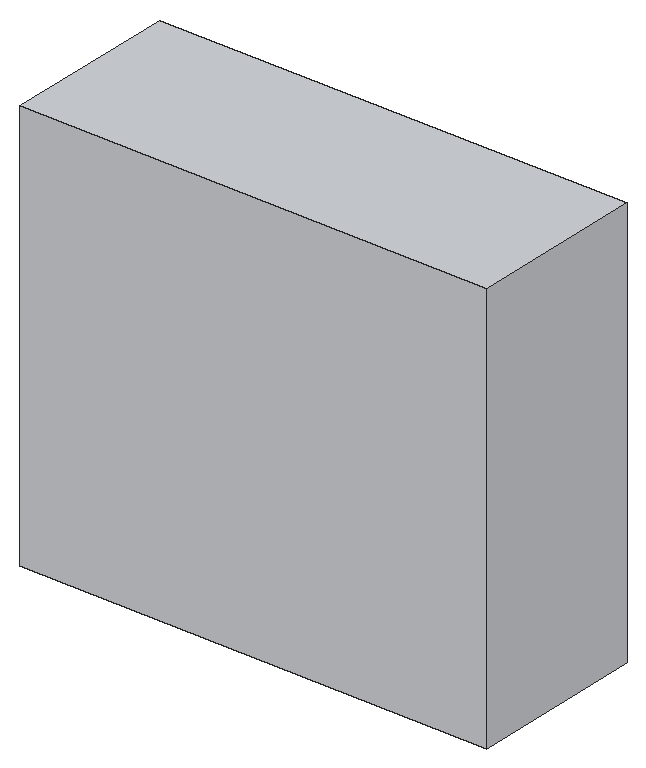
Revit family "PRE070002-FR", category Appareils sanitaires, Revit 2017
Family settings
  Cote de connecteur circulaire = Utiliser le diamètre
  Type d'élément = Normal
  Basée sur le plan de construction = Non
  Toujours verticalement = Oui
  Couper avec des vides une fois chargée = Non
  Partagée = Non
  Point de calcul de pièce = Non
Parameters (values of type "55440 - PRESTO SENSAO 8600N ENCASTRE ANTIVANDALISME - Alimentation secteur")
  Variantes = "55444-55442-55438-55440"
  Garantie = "3"
  URL Fabricant = "http://www.prestodatashare.com/centretelechargement/index.php?lang=FR&refs=55440"
  URL = "http://www.prestodatashare.com/centretelechargement/index.php?lang=FR&refs=55440"
  Lien notice d'utilisation = "http://www.prestodatashare.com/centretelechargement/support.php?lang=FR&ref=55440"
  Lien fiche produit = "http://www.prestodatashare.com/espacedoc/Fiches_Techniques/FR/55440.pdf"
  Reference = "55440"
  Pression = "1 à 5 bars"
  Polantis code = "PRE070002c"
  Perte de charge = 0.0 Pa
  Profondeur = 57.5 mm
  Modèle = "55440 - PRESTO SENSAO 8600N ENCASTRE ANTIVANDALISME - Alimentation secteur"
  Matériau = Laiton poli chromé
  Lien CCTP = "http://www.prestodatashare.com/centretelechargement/index.php?lang=FR&refs=55440"
  Largeur = 153 mm  # constant formula
  Hauteur = 135 mm  # constant formula
  Fonction = "Delivered product with 0,15l / s flow regulator (for ordinary urinals)\nDelivered with 1 mounting box, 1 stopvalve, dowels and fixing screws."
  Flux = 0.15 L/s
  Finition = "Plaque de commande en inox brossée 304L anitvandalisme"
  Fabricant = "LES ROBINETS PRESTO S.A."
  Diamètre = 15 mm
  Description = "Electronic urinal faucet for flush mounting with automatic optoelectronic detection with possibility of forced flushing with manual button, vandal-proof system and closing safety in case of mains failure. or degradation of the detector, 230 V AC transformer power supply (not supplied)."
  Debit = "0,30 l/s at 3 bar"
  Raccordement = "M G 1/2\" Inlet and outlet"
  Adresse = "7, RUE RACINE - 92542 MONTROUGE CEDEX FRANCE"
Types (4, lengths in mm): name | URL Fabricant | URL | Lien notice d'utilisation | Lien fiche produit | Reference | Polantis code | Modèle | Lien CCTP | Description
  55444 - PRESTO SENSAO 8100N encastré, alimentation secteur | "http://www.prestodatashare.com/centretelechargement/index.php?lang=FR&refs=55444" | "http://www.prestodatashare.com/centretelechargement/index.php?lang=FR&refs=55444" | "http://www.prestodatashare.com/centretelechargement/support.php?lang=FR&ref=55444" | "http://www.prestodatashare.com/espacedoc/Fiches_Techniques/FR/55444.pdf" | "55444" | "PRE070002" | "55444 - PRESTO SENSAO 8100N encastré, alimentation secteur" | "http://www.prestodatashare.com/centretelechargement/index.php?lang=FR&refs=55444" | "Electronic urinal faucet for flush mounting with automatic optoelectronic detection, anti-vandalism system and closing safety in case of mains failure, mains power supply (transformer not supplied)."
  55440 - PRESTO SENSAO 8600N ENCASTRE ANTIVANDALISME - Alimentation secteur | "http://www.prestodatashare.com/centretelechargement/index.php?lang=FR&refs=55440" | "http://www.prestodatashare.com/centretelechargement/index.php?lang=FR&refs=55440" | "http://www.prestodatashare.com/centretelechargement/support.php?lang=FR&ref=55440" | "http://www.prestodatashare.com/espacedoc/Fiches_Techniques/FR/55440.pdf" | "55440" | "PRE070002c" | "55440 - PRESTO SENSAO 8600N ENCASTRE ANTIVANDALISME - Alimentation secteur" | "http://www.prestodatashare.com/centretelechargement/index.php?lang=FR&refs=55440" | "Electronic urinal faucet for flush mounting with automatic optoelectronic detection with possibility of forced flushing with manual button, vandal-proof system and closing safety in case of mains failure. or degradation of the detector, 230 V AC transformer power supply (not supplied)."
  55438 - PRESTO SENSAO 8500N ENCASTRE ANTIVANDALISME - Alimentation pile | "http://www.prestodatashare.com/centretelechargement/index.php?lang=FR&refs=55438" | "http://www.prestodatashare.com/centretelechargement/index.php?lang=FR&refs=55438" | "http://www.prestodatashare.com/centretelechargement/support.php?lang=FR&ref=55438" | "http://www.prestodatashare.com/espacedoc/Fiches_Techniques/FR/55438.pdf" | "55438" | "PRE070002b" | "55438 - PRESTO SENSAO 8500N ENCASTRE ANTIVANDALISME - Alimentation pile" | "http://www.prestodatashare.com/centretelechargement/index.php?lang=FR&refs=55438" | "Electronic urinal valve for flush mounting with automatic optoelectronic detection with possibility of forced flushing with manual button, vandal-proof system and closing safety in case of battery wear, electric power supply via 6V CRP2 lithium battery."
  55442 - PRESTO SENSAO 8300N encastré, alimentation pile | "http://www.prestodatashare.com/centretelechargement/index.php?lang=FR&refs=55442" | "http://www.prestodatashare.com/centretelechargement/index.php?lang=FR&refs=55442" | "http://www.prestodatashare.com/centretelechargement/support.php?lang=FR&ref=55442" | "http://www.prestodatashare.com/espacedoc/Fiches_Techniques/FR/55442.pdf" | "55442" | "PRE070002a" | "55442 - PRESTO SENSAO 8300N encastré, alimentation pile" | "http://www.prestodatashare.com/centretelechargement/index.php?lang=FR&refs=55442" | "Electronic tap for urinal for flush mounting with automatic optoelectronic detection, anti-vandalism system and closing safety in case of battery wear, power supply by 6V CRP2 type lithium battery."
Reference planes
  plane 1 "Centre (avant/arrière)": y = 0
  plane 2: z = 0
  plane 3 "Centre (gauche/droite)": x = 0
  plane 4: y = -57.5
  plane 5: x = 153
  plane 6: z = 135
  plane 7: x = 76.5
  plane 8: y = -28
Forms (mm)
  Extrusion 1, solid
    sketch origin (0, 0, 0) x (1, 0, 0) y (0, 1, 0)
      loop
        line (0, 0) -> (0, -57.5) -> (153, -57.5) -> (153, 0) -> (0, 0)
    from 0 to 135
  Extrusion 2, solid
    sketch origin (0, 0, 0) x (1, 0, 0) y (0, 1, 0)
      loop
        circle (76.5, -28) r 7.5
    from 0 to 135
Cuts and joins
  joined: Extrusion 1, Extrusion 2
Dimensions and locks
  "Profondeur": plane 1 "Centre (avant/arrière)" to plane 4
  "Largeur": plane 3 "Centre (gauche/droite)" to plane 5
  "Hauteur": plane 6 to level
  equal spacing: plane 3 "Centre (gauche/droite)", plane 7, plane 5
  locked: plane 1 "Centre (avant/arrière)" to plane 8 at 28
  "Diamètre": diameter of Extrusion 2 sketch curve
  aligned and locked: level to plane 2
  aligned and locked: plane 1 "Centre (avant/arrière)" to Extrusion 1 sketch curve
  aligned and locked: plane 3 "Centre (gauche/droite)" to Extrusion 1 sketch curve
  aligned and locked: plane 4 to Extrusion 1 sketch curve
  aligned and locked: plane 5 to Extrusion 1 sketch curve
  aligned and locked: plane 6 to Extrusion 1
  aligned and locked: plane 6 to Extrusion 2
Automatic sketch dimensions
  Extrusion 2 sketch curve to plane 7 = 0 mm
  Extrusion 2 sketch curve to plane 8 = 0 mm
Connectors
  piping at (76.5, -28, 135), diameter 15, driven by "Flux", driven by "Perte de charge", driven by "Diamètre"
    settings: on Extrusion 2, index 1, connector inside diameter 609.6 mm, connector length 0 mm, flow factor 0, pipe flow 0.15 L/s, pressure drop 0.0 Pa, fitting loss kfactor 0, connector angle 0.00°, fixture units 0, engagement length 0 mm, angle of deflection 0.00°, flow configuration 0, flow direction 1, fitting loss method 4, system type 20, joint type 0, gender type 0, connector reference index 2, connector utility 0, adjustable connector no, is connector primary yes, connector description ""
  piping at (76.5, -28, 0), diameter 15, driven by "Flux", driven by "Perte de charge", driven by "Diamètre"
    settings: on Extrusion 2, index 2, connector inside diameter 609.6 mm, connector length 0 mm, flow factor 0, pipe flow 0.15 L/s, pressure drop 0.0 Pa, fitting loss kfactor 0, connector angle 0.00°, fixture units 0, engagement length 0 mm, angle of deflection 0.00°, flow configuration 0, flow direction 2, fitting loss method 4, system type 20, joint type 0, gender type 0, connector reference index 1, connector utility 0, adjustable connector no, is connector primary no, connector description ""
